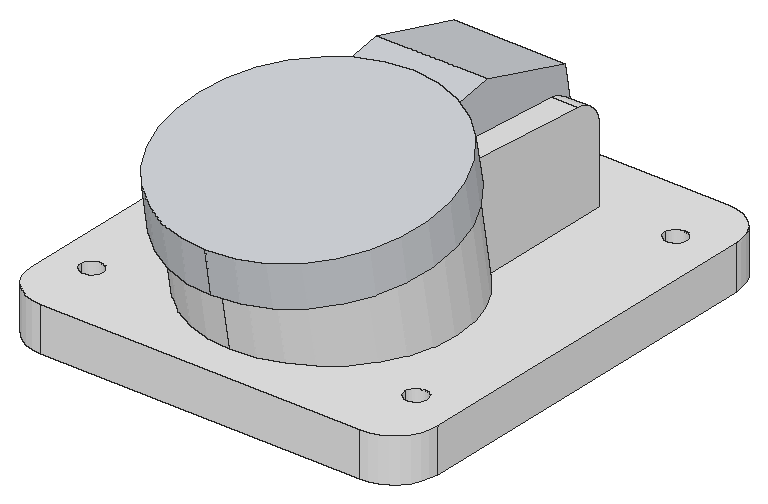
Revit family "Building-ConnessioniIEC309-GEWISS-IEC309HP-PRESE_FISSE_INC_10°_CABL_RAPIDO_16A_IP44-54", category Apparecchi elettrici, host Superficie, Revit 2019
Family settings
  Host = Superficie
  Mantenere orientamento annotazione = Sì
  Quota connettore circolare = Usa diametro
  Tipo di parte = Normale
  Taglio con vuoti quando caricato = No
  Condiviso = Sì
  Punto di calcolo locali = Sì
Parameters (values of type "GW62210FH - PR.INC.10°HP IP44 3P+N+T 16A 400V 6H  CR")
  simbolo acceso [instance] = yes
  distanza_simbolo [instance] = 1 mm
  distanza dal piano [instance] = 0 mm
  W = 115 mm  # constant formula
  Versione file RFA = "21.11"
  URL = "https://www.gewiss.com/it/it"
  Tipologia = "Presa fissa da incasso 10°"
  Tipo Materiale = "Halogen free secondo norma EN 60754-2"
  Tipo Cablaggio = "Rapido a molla"
  Termopressione con biglia = "125 °C (Parti attive) - 80 °C (Parti passive)"
  Tensione nominale = "380-415V"
  Temperatura di utilizzo = "-25 +55 °C"
  Spostamento_effettivo_S [instance] = 4000 mm - Spostamento_S  # 3037.5 mm
  Spostamento_S = 962.5 mm
  Sportello_visibile = yes
  Sovraccarico ammissibile = "22A"
  Scheda Tecnica = "https://www.gewiss.com/it/it/search?q=GW62210FH"
  SPinotto = Default(2)
  SEO = "Presa"
  Riferimento h = "6"
  Resistenza di isolamento = "- 10 M?"
  Resistenza agli urti = "IK09"
  Default Elevation = 1219.2 mm
  Produttore = "GEWISS S.p.A."
  Prodotto a stock = ""
  Potere d'interruzione a 1,1 Un = "20A"
  Piastra = Default(2)
  N. poli = "3P+N+T"
  N. Manovre complessive = "-5000"
  Modello = "GW62210FH"
  L = 155 mm  # constant formula
  Immagine tipo = (empty or 0)
  IDT = "496cd9a799794a91a3def0c370181c46"
  IDF = "c13a8bf9-edbc-4101-bbb9-5712506d5ec1"
  Grado di protezione = "IP44/IP54"
  Glow wire test: = "850 °C (Parti attive) - 650 °C (Parti passive)"
  Frequenza = "50/60 Hz"
  FORMULA = 1000 mm * 1  # 1000 mm
  Dimensioni flangia (mm) = "85x75"
  Descrizione = "PR.INC.10°HP IP44 3P+N+T 16A 400V 6H  CR"
  Creato da GEWISS S.p.A. = ""
  Corrente nominale (A) = "16"
  Corpo centrale = Default(2)
  Colore: = "Rosso"
  Codice Electrocod = "2210"
  Catalogo = "BUILDING"
  CapacitÃ  serraggio morsetti = "1-2,5 mm² cavi flessibili - 1,5-4 mm² cavi rigidi"
  COBie.Tagnumber = ""
  COBie.CreatedOn = ""
  COBie.CreatebBy = ""
  COBie.ComponentRegisterItemID = ""
  COBie.Component.TagNumber = ""
  COBie.Component.Space = ""
  COBie.Component.SerialNumber = ""
  COBie.Component.InstallationDate = ""
  COBie.Component.Description = ""
  COBie.Component.BarCode = ""
  BLOCCO = "B=C"
Types (9, lengths in mm): name | Tensione nominale | Scheda Tecnica | Riferimento h | N. poli | Modello | IDT | Descrizione | Colore:
  GW62201FH - PR.INC.10°HP IP44 2P+T 16A 110V 4H CR | "100-130V" | "https://www.gewiss.com/it/it/search?q=GW62201FH" | "4" | "2P+T" | "GW62201FH" | "40305200dd45499dabc7487f00195052" | "PR.INC.10°HP IP44 2P+T 16A 110V 4H CR" | "Giallo"
  GW62202FH - PR.INC.10°HP IP44 3P+T 16A 110V 4H CR | "100-130V" | "https://www.gewiss.com/it/it/search?q=GW62202FH" | "4" | "3P+T" | "GW62202FH" | "1429900bcf4e46879839c85bcb0ff783" | "PR.INC.10°HP IP44 3P+T 16A 110V 4H CR" | "Giallo"
  GW62203FH - PR.INC.10°HP IP44 3P+N+T 16A 110V 4H  CR | "100-130V" | "https://www.gewiss.com/it/it/search?q=GW62203FH" | "4" | "3P+N+T" | "GW62203FH" | "000156978ed344668fd06ddf03709110" | "PR.INC.10°HP IP44 3P+N+T 16A 110V 4H  CR" | "Giallo"
  GW62205FH - PR.INC.10°HP IP44 2P+T 16A 230V 6H  CR | "200-250V" | "https://www.gewiss.com/it/it/search?q=GW62205FH" | "6" | "2P+T" | "GW62205FH" | "882b61cdf0bd41ccb485bd261d2b6ec0" | "PR.INC.10°HP IP44 2P+T 16A 230V 6H  CR" | "Blu"
  GW62206FH - PR.INC.10°HP IP44 3P+T 16A 230V 9H  CR | "200-250V" | "https://www.gewiss.com/it/it/search?q=GW62206FH" | "9" | "3P+T" | "GW62206FH" | "57b309b317364550a8ac42e75d4e7128" | "PR.INC.10°HP IP44 3P+T 16A 230V 9H  CR" | "Blu"
  GW62207FH - PR.INC.10°HP IP44 3P+N+T 16A 230V 9H  CR | "200-250V" | "https://www.gewiss.com/it/it/search?q=GW62207FH" | "9" | "3P+N+T" | "GW62207FH" | "e861bd43714747e588a9aa417606585d" | "PR.INC.10°HP IP44 3P+N+T 16A 230V 9H  CR" | "Blu"
  GW62208FH - PR.INC.10°HP IP44 2P+T 16A 400V 9H  CR | "380-415V" | "https://www.gewiss.com/it/it/search?q=GW62208FH" | "9" | "2P+T" | "GW62208FH" | "bd49c0406dc94b3b87e3e29dfb4c7944" | "PR.INC.10°HP IP44 2P+T 16A 400V 9H  CR" | "Rosso"
  GW62209FH - PR.INC.10°HP IP44 3P+T 16A 400V 6H  CR | "380-415V" | "https://www.gewiss.com/it/it/search?q=GW62209FH" | "6" | "3P+T" | "GW62209FH" | "102b9b3ef71d44548e2c55c97fa36b85" | "PR.INC.10°HP IP44 3P+T 16A 400V 6H  CR" | "Rosso"
  GW62210FH - PR.INC.10°HP IP44 3P+N+T 16A 400V 6H  CR | "380-415V" | "https://www.gewiss.com/it/it/search?q=GW62210FH" | "6" | "3P+N+T" | "GW62210FH" | "496cd9a799794a91a3def0c370181c46" | "PR.INC.10°HP IP44 3P+N+T 16A 400V 6H  CR" | "Rosso"
Reference planes
  plane 1 "Centro (Fronte/Retro)": y = 0
  plane 2: z = 0
  plane 3 "Centro (Sinistra/Destra)": x = 0
  plane 4: x = -3000
  plane 5: x = 37.5
  plane 6: z = 0
Dimensions and locks
  plane 4 to plane 3 "Centro (Sinistra/Destra)" = 3000 mm
  "Spostamento_effettivo_S": plane 4 to plane 5
  "distanza dal piano": plane 6 to plane 2
  aligned and locked: plane 2 to host face
  aligned and locked: level to host face
  aligned and locked: plane 3 "Centro (Sinistra/Destra)" to nested 1
  aligned and locked: plane 1 "Centro (Fronte/Retro)" to nested 1
  aligned and locked: nested 2 to plane 5
Automatic sketch dimensions
  host sketch curve to host sketch curve = 2438.4 mm  (x2)
Nested families
  nested 1: "IEC309 PRESE FISSE INCASSO 10' CABLAGGIO RAPIDO 16A IP44-54_BASE" at (0, 0, 0), type "IEC309 PRESE FISSE INCASSO 10' CABLAGGIO RAPIDO 16A IP44-54_BASE"
  nested 2: "GWGW62201FH - SIMBOLO_PRESA" at (37.5, 171.559, 0), visible <- "simbolo acceso", Distanza dal muro <- "distanza_simbolo", type "3P"
    with SIMBOLO ACCESO yes, Distanza dal muro 1 mm
Connectors
  electrical at (37.5, 30, 0)
    settings: on nested 1, index 1, voltage 0 V, apparent load 0 VA, apparent load phase1 0 VA, apparent load phase2 0 VA, apparent load phase3 0 VA, power factor 1, load classification "Altro", number of poles 1, system type 31, power factor state 1, is connector primary yes, connector utility no, sub classification motor no, connector description ""
Definition of nested family "IEC309 PRESE FISSE INCASSO 10' CABLAGGIO RAPIDO 16A IP44-54_BASE"
  Parameters (values of type "IEC309 PRESE FISSE INCASSO 10' CABLAGGIO RAPIDO 16A IP44-54_BASE")
    sp_ghiera = 16 mm
    r3_int = r2 - 3 mm  # 17 mm
    r2 = R1 - 3 mm  # 20 mm
    h = 85 mm  # constant formula
    dis_base = 71 mm
    Sportello = yes
    Spinotto = none
    R1 = 23 mm
    PIASTRA = none
    Lunghezza totale = 140 mm
    CENTRALE = none
    Bsae = 75 mm  # constant formula
  Reference planes
    plane 1 "Centro (Fronte/Retro)": y = 0
    plane 2: z = 0
    plane 3 "Centro (Sinistra/Destra)": x = 0
    plane 4: x = 75
    plane 5: x = 7
    plane 6: y = 13
    plane 7: x = 67
    plane 8: y = 73
    plane 9: y = 85
    plane 10: y = 36.5
    plane 11: x = 37.5
    plane 12: z = 8.057
    plane 13: y = 29
    plane 14: z = 23.239
    plane 15: through (37.5, 29, 1200) normal (-0.766, -0.6428, 0)
    plane 16: through (37.5, 29, 1200) normal (-0.766, 0.6428, 0)
  Forms (mm)
    Extrusion 1, solid, material <- "PIASTRA"
      sketch origin (0, 0, 0) x (1, 0, 0) y (0, 1, 0)
        loop
          arc (8, 85) -> (2.343, 82.657) -> (0, 77) r 8
          line (0, 77) -> (0, 8)
          arc (0, 8) -> (2.343, 2.343) -> (8, 0) r 8
          line (8, 0) -> (67, 0)
          arc (67, 0) -> (72.657, 2.343) -> (75, 8) r 8
          line (75, 8) -> (75, 77)
          arc (75, 77) -> (72.657, 82.657) -> (67, 85) r 8
          line (67, 85) -> (8, 85)
      from 0 to 8.057
    Sweep 2, solid, material <- "PIASTRA"
      path origin (0, 0, 0) x (0, 1, 0) y (0, 0, 1)
        loop
          line (28.063, 23.618) -> (31.416, 5.179)
      profile origin (0, 29.74, 14.398) x (0, 0.983865, 0.17891) y (1, 0, 0)
        loop
          circle (-0.621, 37.5) r 23
        loop
          circle (-0.621, 37.5) r 20
    Extrusion 3, solid, material <- "PIASTRA"
      sketch origin (0, 0, 0) x (1, 0, 0) y (0, 1, 0)
        loop
          spline (47.772, 47.955) -> (48.225, 47.704) -> (48.672, 47.442) -> (49.113, 47.17) -> (49.548, 46.889) -> (49.976, 46.598) -> (50.398, 46.297) -> (50.812, 45.988) -> (51.219, 45.669) -> (51.619, 45.341) -> (52.011, 45.004) -> (52.395, 44.659) -> (52.772, 44.305)
          line (52.772, 44.305) -> (52.772, 73) -> (47.772, 73) -> (47.772, 47.955)
      from 8.057 to 31.758
    Extrusion 4, void
      sketch origin (0, 0, 0) x (0, 1, 0) y (0, 0, 1)
        loop
          line (73, 31.758) -> (44.305, 31.758) -> (44.305, 28.134) -> (68.064, 26.588)
          arc (68.064, 26.588) -> (71.251, 25.281) -> (73, 22.313) r 5.4
          line (73, 22.313) -> (73, 31.758)
      from 47.772 to 52.772
    Extrusion 5, solid, material <- "PIASTRA"
      sketch origin (75, 0, 0) x (-1, 0, 0) y (0, -1, 0)
        loop
          line (47.772, -48.02) -> (47.772, -73) -> (52.772, -73) -> (52.772, -43.697)
          spline (52.772, -43.697) -> (52.406, -44.109) -> (52.03, -44.514) -> (51.645, -44.909) -> (51.249, -45.294) -> (50.845, -45.671) -> (50.431, -46.037) -> (50.009, -46.394) -> (49.577, -46.74) -> (49.138, -47.076) -> (48.69, -47.402) -> (48.235, -47.716) -> (47.772, -48.02)
      from 8.057 to 28.109
    Extrusion 6, void
      sketch origin (75, 0, 0) x (0, 1, 0) y (0, 0, -1)
        loop
          line (73, -31.758) -> (73, -19.567)
          arc (73, -19.567) -> (71.497, -23.176) -> (67.952, -24.825) r 5.4
          line (67.952, -24.825) -> (38, -26.775) -> (38, -31.758) -> (73, -31.758)
      from 39.92 to 54.884
    Sweep 7, void
      path origin (0, 0.625, 0) x (0, 1, 0) y (0, 0, 1)
        loop
          line (18.381, 21.548) -> (20.759, 8.057)
      profile origin (0, 20.195, 14.803) x (0, 0.984809, 0.173644) y (1, 0, 0)
        loop
          circle (-1.772, 37.608) r 5
        loop
          circle (10.516, 29.004) r 5
        loop
          circle (10.516, 45.996) r 5
    Sweep 8, solid, visible <- "Sportello"
      path origin (0, -2.172, -0.205) x (0, 0.999986, 0.005351) y (0, -0.005351, 0.999986)
        loop
          line (29.897, 31.961) -> (31.331, 23.832)
      profile origin (0, 28.292, 27.855) x (0, 0.983865, 0.17891) y (1, 0, 0)
        loop
          circle (-2.622, 37.5) r 24.4
    Extrusion 9, solid, visible <- "Sportello"
      sketch origin (0, 0, -1.562) x (0, 1, 0) y (0, 0, 1)
        loop
          line (46.739, 26.216) -> (68.431, 24.804)
          arc (68.431, 24.804) -> (71.22, 23.59) -> (73.002, 21.123) r 5.761
          arc (73.002, 21.123) -> (73.116, 22.165) -> (73.026, 23.208) r 5.4
          line (73.026, 23.208) -> (71.359, 32.236) -> (53.64, 37.49) -> (45.019, 35.97) -> (46.739, 26.216)
      from 27.228 to 47.772
    Extrusion 10, void
      sketch origin (0, 0, 0) x (1, 0, 0) y (0, 1, 0)
        loop
          circle (7, 73) r 2.072
        loop
          circle (67, 73) r 2.072
        loop
          circle (7, 13) r 2.072
        loop
          circle (67, 13) r 2.072
      from 0 to 8.057
  Cuts and joins
    Sweep 7, Extrusion 10 cuts Extrusion 1
    Sweep 7, Extrusion 10 cuts Sweep 2
    joined: Extrusion 1, Sweep 2
    Extrusion 4, Extrusion 6 cuts Extrusion 3
    Extrusion 6 cuts Extrusion 5
    joined: Sweep 8, Extrusion 9
  Dimensions and locks
    "Bsae": plane 3 "Centro (Sinistra/Destra)" to plane 4
    locked: plane 7 to plane 4 at 8
    "h": plane 1 "Centro (Fronte/Retro)" to plane 9
    equal spacing: plane 1 "Centro (Fronte/Retro)", plane 10, plane 8
    equal spacing: plane 3 "Centro (Sinistra/Destra)", plane 11, plane 4
    locked: plane 5 to plane 7 at 60
    locked: plane 8 to plane 6 at 60
    locked: plane 12 to level at 8.057
    plane 1 "Centro (Fronte/Retro)" to plane 13 = 29 mm
    plane 14 to plane 12 = 15.181 mm
    radius of Extrusion 1 sketch curve = 8 mm  (x4)
    "R1": radius of Sweep 2 sketch curve
    "r2": radius of Sweep 2 sketch curve
    aligned and locked: level to plane 2
    aligned and locked: plane 9 to Extrusion 1
    aligned and locked: Extrusion 1 to plane 3 "Centro (Sinistra/Destra)"
    aligned and locked: plane 1 "Centro (Fronte/Retro)" to Extrusion 1
    aligned and locked: Extrusion 1 to plane 4
    aligned and locked: plane 12 to Extrusion 1
    aligned and locked: Extrusion 3 to plane 12
    aligned and locked: Extrusion 4 sketch curve to Extrusion 3  (x2)
    aligned and locked: Extrusion 4 sketch curve to plane 8
    aligned and locked: Extrusion 4 to Extrusion 3  (x2)
    aligned and locked: plane 5 to Extrusion 10 sketch curve  (x2)
    aligned and locked: plane 8 to Extrusion 10 sketch curve  (x2)
    aligned and locked: plane 7 to Extrusion 10 sketch curve  (x2)
    aligned and locked: plane 6 to Extrusion 10 sketch curve  (x2)
    aligned and locked: Extrusion 1 to Extrusion 10
  Automatic sketch dimensions
    Extrusion 1 sketch curve to plane 3 "Centro (Sinistra/Destra)" = 0 mm
    Extrusion 1 sketch curve to plane 7 = 0 mm
    plane 1 "Centro (Fronte/Retro)" to Extrusion 1 sketch curve = 0 mm
    Extrusion 1 sketch curve to plane 9 = 0 mm
    Extrusion 3 sketch curve to plane 8 = 0 mm
    plane 11 to Extrusion 3 sketch curve = 10.272 mm
    Extrusion 3 sketch curve to Extrusion 3 sketch curve = 5 mm
    plane 10 to Extrusion 3 sketch curve = 11.455 mm
    Extrusion 3 sketch curve to Extrusion 3 sketch curve = 3.65 mm
    Extrusion 3 sketch curve to plane 11 = 0.8 mm
    Extrusion 3 sketch curve to plane 13 = 0.898 mm
    Extrusion 5 sketch curve to plane 8 = 0 mm
    plane 11 to Extrusion 5 sketch curve = 10.272 mm
    Extrusion 5 sketch curve to Extrusion 5 sketch curve = 5 mm
    Extrusion 5 sketch curve to plane 10 = 11.52 mm
    Extrusion 5 sketch curve to Extrusion 5 sketch curve = 4.323 mm
    Extrusion 5 sketch curve to plane 13 = 0.016 mm
    Extrusion 5 sketch curve to plane 11 = 2.244 mm
    Extrusion 6 sketch curve to plane 8 = 0 mm
    Extrusion 6 sketch curve to plane 8 = 5.048 mm
    Extrusion 6 sketch curve to plane 14 = 3.802 mm
    Extrusion 6 sketch curve to plane 8 = 5.398 mm
    plane 10 to Extrusion 6 sketch curve = 1.5 mm
    Extrusion 6 sketch curve to plane 14 = 3.672 mm
    plane 14 to Extrusion 6 sketch curve = 3.536 mm
    Extrusion 6 sketch curve to Extrusion 6 sketch curve = 6.933 mm
    Extrusion 4 sketch curve to plane 14 = 2.04 mm
    Extrusion 4 sketch curve to plane 8 = 5.284 mm
    Extrusion 4 sketch curve to plane 8 = 4.936 mm
    Extrusion 4 sketch curve to plane 14 = 0.925 mm
    Extrusion 4 sketch curve to Extrusion 4 sketch curve = 3.624 mm
    Sweep 7 sketch curve to plane 12 = 0 mm
    Sweep 7 sketch curve to plane 14 = 1.691 mm
    plane 6 to Sweep 7 sketch curve = 6.006 mm
    plane 6 to Sweep 7 sketch curve = 8.384 mm
    profile plane to Sweep 7 sketch curve = 1.772 mm
    Sweep 7 sketch curve to profile plane = 10.516 mm  (x2)
    plane 3 "Centro (Sinistra/Destra)" to Sweep 7 sketch curve = 29.004 mm
    Sweep 7 sketch curve to Sweep 7 sketch curve = 8.604 mm
    Sweep 7 sketch curve to Sweep 7 sketch curve = 8.388 mm
    Sweep 8 sketch curve to plane 13 = 1.446 mm
    plane 14 to Sweep 8 sketch curve = 8.677 mm
    Sweep 8 sketch curve to Sweep 8 sketch curve = 1.433 mm
    Sweep 8 sketch curve to Sweep 8 sketch curve = 8.129 mm
    profile plane to Sweep 8 sketch curve = 2.622 mm
    plane 3 "Centro (Sinistra/Destra)" to Sweep 8 sketch curve = 37.5 mm
    Extrusion 9 sketch curve to Extrusion 9 sketch curve = 1.72 mm
    Extrusion 9 sketch curve to Extrusion 9 sketch curve = 8.621 mm
    Extrusion 9 sketch curve to Extrusion 9 sketch curve = 0.109 mm
    Extrusion 9 sketch curve to plane 8 = 1.641 mm
    Extrusion 9 sketch curve to plane 14 = 2.574 mm
    Extrusion 9 sketch curve to Extrusion 9 sketch curve = 3.125 mm
    plane 14 to Extrusion 9 sketch curve = 7.435 mm
    plane 14 to Extrusion 9 sketch curve = 1.415 mm
    Extrusion 9 sketch curve to Extrusion 9 sketch curve = 0.715 mm
    plane 14 to Extrusion 9 sketch curve = 0.003 mm
    plane 8 to Extrusion 9 sketch curve = 0.002 mm
    plane 8 to Extrusion 9 sketch curve = 0.026 mm
    Extrusion 9 sketch curve to plane 14 = 1.593 mm
    plane 10 to Extrusion 9 sketch curve = 17.14 mm
    Extrusion 9 sketch curve to Extrusion 9 sketch curve = 9.754 mm
    plane 14 to Sweep 2 sketch curve = 0.379 mm
    Sweep 2 sketch curve to plane 13 = 0.937 mm
    plane 13 to Sweep 2 sketch curve = 2.416 mm
    Sweep 2 sketch curve to plane 12 = 2.879 mm
    Sweep 2 sketch curve to Sweep 2 sketch curve = 0 mm  (x2)
    profile plane to Sweep 2 sketch curve = 0.621 mm
    plane 3 "Centro (Sinistra/Destra)" to Sweep 2 sketch curve = 37.5 mm
    radius of Sweep 7 sketch curve = 5 mm  (x3)
    radius of Extrusion 10 sketch curve = 2.072 mm  (x4)
    radius of Sweep 8 sketch curve = 24.4 mm
Definition of nested family "GWGW62201FH - SIMBOLO_PRESA"
  Parameters (values of type "3P")
    SIMBOLO ACCESO [instance] = yes
    Distanza dal muro [instance] = 0 mm
  Reference planes
    plane 1: y = 0
    plane 2: x = 0
  Dimensions and locks
    "Distanza dal muro": plane 1 to nested 1
    aligned and locked: plane 2 to nested 1
  Nested families
    nested 1: "GWGW62201FH - SIMBOLO" at (0, 0, 0), visible <- "SIMBOLO ACCESO", type "3P"
  Definition of nested family "GWGW62201FH - SIMBOLO"
    Parameters (values of type "3P")
      CORNICE SIMBOLO [instance] = yes
      3P = yes
    Reference planes
      plane 1: y = 0
      plane 2: x = 0
    Lines and regions (mm)
      detail lines
        curve 1: circle (-0.314, 0.674, 0) r 0.057 normal (0, 0, 1)
        curve 2: arc (0.346, -0.009, 0) -> (0, 0.337, 0) -> (-0.346, -0.009, 0) r 0.346
        curve 3: line (0, 0.337, 0) -> (0.346, 0.337, 0)
        curve 4: line (0, 3.386, 0) -> (0, 0.337, 0)
        curve 5: line (0, 0.337, 0) -> (-0.314, 0.674, 0)
